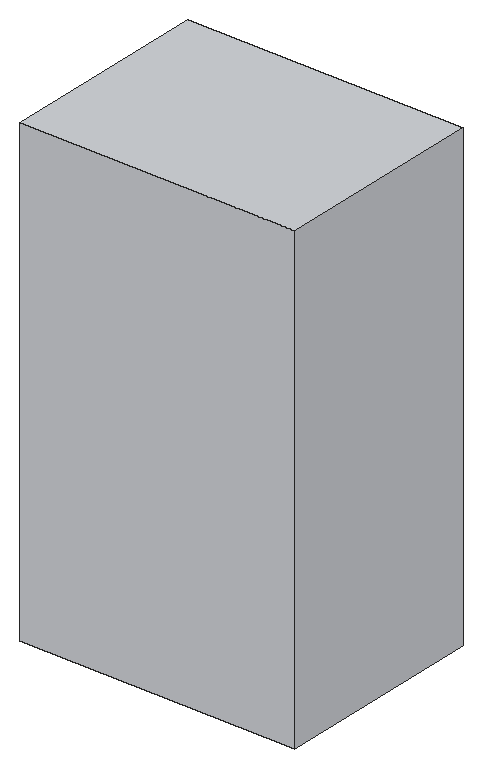
Revit family
Parameters
  Warranty Duration (Years) = 0
  Unit Width [instance] = 1' - 0"
  Unit Height [instance] = 1' - 4"
  Unit Depth = 0' - 0 1/4"
  URL = "http://www.americanspecialties.com/viewCategories.cfm"
  Trim Material = Mirror
  Test Data = ""
  Specification = "http://www.arcat.com/sdspecs/htm/10810asi.htm"
  SpecWizard = ""
  Hardware = Metal - Stainless Steel w/Satin
  Send Message = "http://www.arcat.com/users.pl?action=UserEmail&company=American%20Specialties,%20Inc.&coid=30448&rep=139&fax=914-476-0688&mf="
  Sales Information = "http://www.americanspecialties.com/contact"
  Revision = "R1_10-2010"
  Mirror Radius = 0' - 0 1/2"
  Product Properties = "http://www.americanspecialties.com/datasheets/104.pdf"
  Product Data = "http://www.arcat.com/arcatcos/cos30/arc30448.html"
  Model = "As Specified in 10 28 13"
  Manufacturer Website = "http://www.americanspecialties.com/viewCategories.cfm"
  Manufacturer Phone - Toll Free = ""
  Manufacturer Phone = "914-476-9000 "
  Manufacturer Fax = "914-476-0688"
  Manufacturer Address = "441 Saw Mill River Rd., Yonkers, NY 10701"
  Manufacturer = "American Specialties, Inc."
  Maintenance Schedule (Months) = 0
  Keynote = "10 28 13"
  Installation-Fabrication = "http://www.americanspecialties.com/products.cfm"
  Green Building-LEED = ""
  Frame radius = 0' - 1"
  Expected Lifespan (Years) = 0
  Drawn By = "Robert S. Weygant. CSI, CDT, SCIP"  # constant formula
  Description = "Toilet Accessory as Specified in 10 28 13"
  Default Elevation = 4' - 0"
  Copyright = "©Arcat Inc."
  Construction Details = "http://www.arcat.com/green/clients/leed_data_30448.html"
  Building Codes = "http://www.americanspecialties.com/products.cfm"
  Body Material = Metal - Stainless Steel w/Satin
  Assembly Code = "C1030210"
Reference planes (in)
  plane 1 "Center (Front/Back)": y = 2.48383
  plane 2 "Floor Line": z = 0
  plane 3 "Center (Left/Right)": x = -0.65843
  plane 4: z = 56
  plane 5: x = -6.65843
  plane 6: x = 5.34157
  plane 7: z = 48
  plane 8: z = 64
  plane 9: y = 10.48383
  plane 10: y = 9.23383
  plane 11: y = -4.26617
  plane 12: y = -5.51617
  plane 13: x = -5.40843
  plane 14: x = 4.09157
  plane 15: z = 0.21875
  plane 16: z = 0.25
  plane 17: z = 0.10937
Forms (in)
  Extrusion 1, solid
    sketch origin (-3, -9, -5.375) x (0, 0, -1) y (1, 0, 0)
      loop
        line (-82, 26) -> (-82, -19.34712) -> (-5.375, -19.34712) -> (-5.375, 26) -> (-82, 26)
    from 9 to -25.60721
  Extrusion 2, solid, material "Metal - Stainless Steel w/Satin" <- "Body Material"
    sketch origin (0, 0, 0) x (1, 0, 0) y (0, 1, 0)
      loop
        arc (-5.65843, 10.48383) -> (-6.36554, 10.19093) -> (-6.65843, 9.48383) r 1
        line (-6.65843, 9.48383) -> (-6.65843, -4.51617)
        arc (-6.65843, -4.51617) -> (-6.36554, -5.22328) -> (-5.65843, -5.51617) r 1
        line (-5.65843, -5.51617) -> (4.34157, -5.51617)
        arc (4.34157, -5.51617) -> (5.04867, -5.22328) -> (5.34157, -4.51617) r 1
        line (5.34157, -4.51617) -> (5.34157, 9.48383)
        arc (5.34157, 9.48383) -> (5.04867, 10.19093) -> (4.34157, 10.48383) r 1
        line (4.34157, 10.48383) -> (-5.65843, 10.48383)
    from 0 to 0.21875
  Extrusion 3, void
    sketch origin (0, 0, 0) x (1, 0, 0) y (0, 1, 0)
      loop
        arc (-4.90843, 9.23383) -> (-5.26199, 9.08738) -> (-5.40843, 8.73383) r 0.5
        line (-5.40843, 8.73383) -> (-5.40843, -3.76617)
        arc (-5.40843, -3.76617) -> (-5.26199, -4.11973) -> (-4.90843, -4.26617) r 0.5
        line (-4.90843, -4.26617) -> (3.59157, -4.26617)
        arc (3.59157, -4.26617) -> (3.94512, -4.11973) -> (4.09157, -3.76617) r 0.5
        line (4.09157, -3.76617) -> (4.09157, 8.73383)
        arc (4.09157, 8.73383) -> (3.94512, 9.08738) -> (3.59157, 9.23383) r 0.5
        line (3.59157, 9.23383) -> (-4.90843, 9.23383)
    from 0 to 1.55257
  Extrusion 4, solid, material "Mirror" <- "Trim Material"
    sketch origin (0, 0, 0) x (1, 0, 0) y (0, 1, 0)
      loop
        arc (-4.90843, 9.23383) -> (-5.26199, 9.08738) -> (-5.40843, 8.73383) r 0.5
        line (-5.40843, 8.73383) -> (-5.40843, -3.76617)
        arc (-5.40843, -3.76617) -> (-5.26199, -4.11973) -> (-4.90843, -4.26617) r 0.5
        line (-4.90843, -4.26617) -> (3.59157, -4.26617)
        arc (3.59157, -4.26617) -> (3.94512, -4.11973) -> (4.09157, -3.76617) r 0.5
        line (4.09157, -3.76617) -> (4.09157, 8.73383)
        arc (4.09157, 8.73383) -> (3.94512, 9.08738) -> (3.59157, 9.23383) r 0.5
        line (3.59157, 9.23383) -> (-4.90843, 9.23383)
    from 0 to 0.10937
  Extrusion 5, solid, material "Metal - Stainless Steel w/Satin" <- "Hardware"
    sketch origin (0, 0, 0) x (1, 0, 0) y (0, 1, 0)
      loop
        circle (-3.65843, 9.85883) r 0.25
      loop
        circle (-6.01747, -1.51617) r 0.25
      loop
        circle (-6.01747, 6.48383) r 0.25
      loop
        circle (4.70061, -1.51617) r 0.25
      loop
        circle (4.70061, 6.48383) r 0.25
      loop
        circle (-3.65843, -4.89117) r 0.25
      loop
        circle (2.34157, 9.85883) r 0.25
      loop
        circle (2.34157, -4.89117) r 0.25
    from 0.21875 to 0.25
Cuts and joins
  Extrusion 3 cuts Extrusion 2
Dimensions and locks (in)
  equal spacing: plane 8, plane 4, plane 7
  "Unit Width": plane 6 to plane 5
  "Unit Height": plane 8 to plane 7
  "Default Elevation": plane 7 to plane 2 "Floor Line"
  equal spacing: plane 6, plane 3 "Center (Left/Right)", plane 5
  locked: plane 5 to plane 13 at 1.25
  locked: plane 9 to plane 10 at 1.25
  locked: plane 14 to plane 6 at 1.25
  locked: plane 11 to plane 12 at 1.25
  "Unit Height": plane 9 to plane 12
  equal spacing: plane 9, plane 1 "Center (Front/Back)", plane 12
  locked: plane 16 to plane 15 at 0.03125
  equal spacing: plane 15, plane 17, level
  "Unit Depth": plane 16 to plane 2 "Floor Line"
  "Mirror Radius": radius of Extrusion 3 sketch curve  (x4)
  "Frame radius": radius of Extrusion 2 sketch curve  (x4)
  "Mirror Radius": radius of Extrusion 4 sketch curve  (x4)
  aligned and locked: Extrusion 2 sketch curve to plane 9
  aligned and locked: Extrusion 2 sketch curve to plane 6
  aligned and locked: Extrusion 3 sketch curve to plane 10
  aligned and locked: Extrusion 3 sketch curve to plane 14
  aligned and locked: cut or joined group of Extrusion 2, Extrusion 3 to cut or joined group of Extrusion 2, Extrusion 3
  aligned and locked: Extrusion 4 sketch curve to cut or joined group of Extrusion 2, Extrusion 3  (x2)
  aligned and locked: plane 15 to cut or joined group of Extrusion 2, Extrusion 3
  aligned and locked: plane 2 "Floor Line" to level
  aligned and locked: Extrusion 5 to cut or joined group of Extrusion 2, Extrusion 3
  aligned and locked: cut or joined group of Extrusion 2, Extrusion 3 to plane 2 "Floor Line"
  aligned and locked: Extrusion 1 to level
  aligned and locked: plane 16 to Extrusion 5
  aligned and locked: Extrusion 5 to plane 16  (x3)
  aligned and locked: Extrusion 4 to plane 2 "Floor Line"
  aligned and locked: plane 2 "Floor Line" to cut or joined group of Extrusion 2, Extrusion 3  (x2)
  aligned and locked: plane 17 to Extrusion 4
Automatic sketch dimensions
  Extrusion 1 sketch curve to Extrusion 1 sketch curve = 6' - 4 5/8"
  Extrusion 1 sketch curve to Extrusion 1 sketch curve = 3' - 9.34712"
  Extrusion 3 sketch curve to plane 13 = 0' - 0"
  Extrusion 3 sketch curve to plane 11 = 0' - 0"
  Extrusion 2 sketch curve to plane 5 = 0' - 0"
  Extrusion 2 sketch curve to plane 12 = 0' - 0"
  Extrusion 4 sketch curve to plane 13 = 0' - 0"
  Extrusion 4 sketch curve to plane 11 = 0' - 0"
  Extrusion 5 sketch curve to plane 13 = 0' - 0.60904"  (x2)
  Extrusion 5 sketch curve to plane 11 = 0' - 0 5/8"  (x2)
  plane 13 to Extrusion 5 sketch curve = 0' - 1 3/4"  (x2)
  Extrusion 5 sketch curve to plane 9 = 0' - 0 5/8"  (x2)
  Extrusion 5 sketch curve to plane 14 = 0' - 1 3/4"  (x2)
  plane 14 to Extrusion 5 sketch curve = 0' - 0.60904"  (x2)
  plane 11 to Extrusion 5 sketch curve = 0' - 2 3/4"  (x2)
  Extrusion 5 sketch curve to plane 10 = 0' - 2 3/4"  (x2)
  radius of Extrusion 5 sketch curve = 0' - 0 1/4"  (x8)
